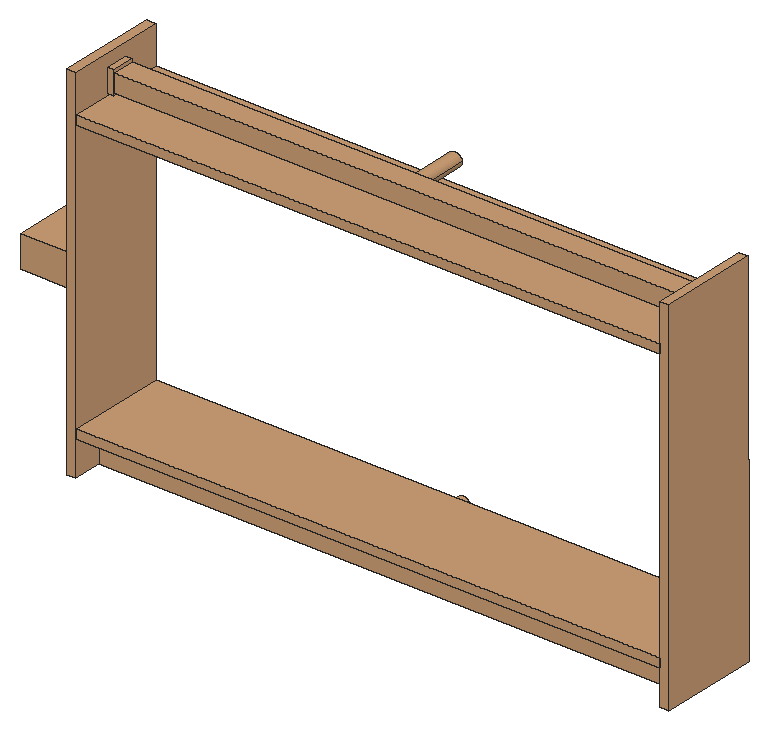
Revit family
Parameters
  Center Of Unit = 0' - 0"  # constant formula
  Water Pressure Drop [instance] = 0.00 psi
  Water Flow [instance] = 0 GPM
  Unit Weight (lbs) = 1222
  URL = "http://www.ljwing.com/"
  Water Outlet Radius = 0' - 1 1/2"
  Water Outlet Odd sizes = 0' - 0"
  Total Heating Capacity [instance] = 0.0 Btu/h
  Temperature Rise [instance] = 0 °F
  Series = "VIFB"
  Outlet Area = 53.60 SF
  Number of Rows = 1  # constant formula
  Number of Coils [instance] = 0
  Nominal Length = 11' - 0 5/8"
  Model = "VD-12"
  Manufacturer = "LJ Wing"
  Leaving Water Temperature [instance] = 0 °F
  Leaving Air Temperature [instance] = 0 °F
  Face Velocity (FPM) [instance] = 0
  Entering Water Temperature [instance] = 0 °F
  Entering Air Temperature [instance] = 0 °F
  Description = "Vertical Integral Face & Bypass Water Heating Coils"
  Hot Water Odd Sizes = 0' - 0"
  Hot Water Inlet Offset = 0' - 4 3/8"  # constant formula
  Hot Water Inlet  Radius = 0' - 1 1/2"
  Coil Face Area = Outlet Area * 0.56  # 30.016 SF
  Casing Material = ""
  Assembly Code = "D3020300"
  Air Pressure Drop [instance] = 0.00 in-wg
  Air Inlet Width = Nominal Length - 0' 4"  # 10' - 8 5/8"
  Air Inlet Height = Y  # 5' - 0"
  Air Flow [instance] = 0 CFM
  Z = 0' - 2 1/8"
  Y = 5' - 0"
  S = 0' - 9 3/4"
  Product URL = "http://www.ljwing.com/html/vifb.asp"
  OmniClass = "23-75 70 21 14"
  Nominal Height = 6' - 8"
  Nominal Depth = 1' - 10"
  R = 0' - 10 1/4"
  Q = 0' - 3 5/16"
  P = 0' - 5 1/8"
  L = 0' - 5 15/16"
Reference planes (in)
  plane 1 "Center (Front/Back)": y = 0
  plane 2: z = -30
  plane 3 "Center (Left/Right)": x = 0
  plane 4: z = 40.25
  plane 5: x = -66.3125
  plane 6: x = 66.3125
  plane 7: z = -39.75
  plane 8: z = 0
  plane 9: y = -11
  plane 10: y = 11
  plane 11: z = 30
  plane 12: z = 32
  plane 13: z = -32
  plane 14: x = 64.3125
  plane 15: x = -64.3125
  plane 16: z = 35.125
  plane 17: z = -33.8125
  plane 18: x = -63
  plane 19: x = 63
  plane 20: y = 13.125
  plane 21: y = 15.375
  plane 22: x = -77.3125
  plane 23: x = 0
  plane 24: x = 0
  plane 25: z = 37.125
  plane 26: z = 33.125
  plane 27: y = -2.5
  plane 28: y = 2.5
  plane 29: y = -4.5
Forms (in)
  Extrusion 1, solid, material "Painted Finish"
    sketch origin (0, 6, -9.75) x (1, 0, 0) y (0, 0, 1)
      loop
        line (-66.3125, -30) -> (-64.3125, -30) -> (-64.3125, 50) -> (-66.3125, 50) -> (-66.3125, -30)
      loop
        line (66.3125, -30) -> (66.3125, 50) -> (64.3125, 50) -> (64.3125, -30) -> (66.3125, -30)
    from -5 to 17
  Extrusion 2, solid, material "Painted Finish"
    sketch origin (0, 6, 0) x (1, 0, 0) y (0, 0, 1)
      loop
        line (64.3125, -30) -> (-64.3125, -30) -> (-64.3125, -32) -> (64.3125, -32) -> (64.3125, -30)
      loop
        line (64.3125, 30) -> (64.3125, 32) -> (-64.3125, 32) -> (-64.3125, 30) -> (64.3125, 30)
    from -5 to 17
  Extrusion 3, solid, material "Painted Finish"
    sketch origin (0, 10, -0.5) x (1, 0, 0) y (0, 0, 1)
      loop
        line (-66.3125, 4) -> (-77.3125, 4) -> (-77.3125, -3) -> (-66.3125, -3) -> (-66.3125, 4)
    from 0 to 20
  Extrusion 4, solid, material "Painted Finish"
    sketch origin (0, 6, 0) x (1, 0, 0) y (0, 0, 1)
      loop
        line (-62.6875, 37.125) -> (-62.6875, 33.125) -> (62.6875, 33.125) -> (62.6875, 37.125) -> (-62.6875, 37.125)
    from 3.5 to 8.5
  Extrusion 5, solid, material "Painted Finish"
    sketch origin (0, 0, 0) x (1, 0, 0) y (0, 0, 1)
      loop
        line (-62.6875, 32.625) -> (-62.6875, 37.625) -> (-64.3125, 37.625) -> (-64.3125, 32.625) -> (-62.6875, 32.625)
      loop
        line (64.3125, 32.625) -> (64.3125, 37.625) -> (62.6875, 37.625) -> (62.6875, 32.625) -> (64.3125, 32.625)
    from -2.5 to 2.5
  Extrusion 6, solid, material "Painted Finish"
    sketch origin (0, 23, 0) x (1, 0, 0) y (0, 0, 1)
      loop
        circle (0, 35.125) r 1.5
    from 9.875 to 20.5
  Extrusion 7, solid, material "Painted Finish"
    sketch origin (0, 6, 0) x (1, 0, 0) y (0, 0, 1)
      loop
        line (-64.3125, -32) -> (-64.3125, -39.75) -> (64.3125, -39.75) -> (64.3125, -32) -> (-64.3125, -32)
    from -5 to 10.5
  Extrusion 8, solid, material "Painted Finish"
    sketch origin (0, 23, 0) x (1, 0, 0) y (0, 0, 1)
      loop
        circle (0, -33.8125) r 1.5
    from 7.625 to 12
  Extrusion 9, void
    sketch origin (0, 0, 0) x (1, 0, 0) y (0, 0, 1)
      loop
        line (-64.3125, 30) -> (-64.3125, -30) -> (64.3125, -30) -> (64.3125, 30) -> (-64.3125, 30)
    from -11 to 11
Cuts and joins
  Extrusion 9 cuts Extrusion 1
  Extrusion 9 cuts Extrusion 2
Dimensions and locks (in)
  "Nominal Length": plane 6 to plane 5
  equal spacing: plane 6, plane 3 "Center (Left/Right)", plane 5
  "S": plane 2 to plane 7
  "Nominal Depth": plane 10 to plane 9
  equal spacing: plane 10, plane 1 "Center (Front/Back)", plane 9
  "Y": plane 11 to plane 2
  "R": plane 4 to plane 11
  locked: plane 12 to plane 11 at 2
  locked: plane 2 to plane 13 at 2
  "P": plane 4 to plane 16
  "L": plane 17 to plane 7
  "Q": plane 18 to plane 5
  "Q": plane 6 to plane 19
  "Z": plane 20 to plane 10
  "Hot Water Inlet Offset": plane 21 to plane 10
  locked: plane 5 to plane 22 at 11
  locked: Extrusion 3 sketch curve to Extrusion 3 sketch curve at 7
  locked: Extrusion 3 to Extrusion 3 at 20
  locked: plane 6 to plane 14 at 2
  locked: plane 15 to plane 5 at 2
  "Water Outlet Odd sizes": plane 23 to plane 3 "Center (Left/Right)"
  "Hot Water Odd Sizes": plane 3 "Center (Left/Right)" to plane 24
  equal spacing: plane 25, plane 16, plane 26
  locked: Extrusion 5 sketch curve to plane 25 at 0.5
  locked: plane 26 to Extrusion 5 sketch curve at 0.5
  locked: Extrusion 6 sketch curve to plane 16 at 0
  locked: Extrusion 6 sketch curve to plane 23 at 0
  locked: Extrusion 8 sketch curve to plane 17 at 0
  locked: Extrusion 8 sketch curve to plane 24 at 0
  locked: plane 25 to plane 26 at 4
  locked: plane 28 to plane 27 at 5
  equal spacing: plane 28, plane 1 "Center (Front/Back)", plane 27
  locked: plane 27 to plane 29 at 2
  plane 4 to plane 7 = 6' - 8"
  locked: Extrusion 5 sketch curve to Extrusion 1 at 1.625
  locked: Extrusion 5 sketch curve to Extrusion 5 sketch curve at 1.625
  locked: Extrusion 9 sketch curve to plane 11 at 0
  locked: Extrusion 9 sketch curve to plane 15 at 0
  locked: Extrusion 9 sketch curve to plane 14 at 0
  locked: Extrusion 9 sketch curve to plane 2 at 0
  equal spacing: plane 11, plane 8, plane 2
  "Water Outlet Radius": radius of Extrusion 6 sketch curve
  "Hot Water Inlet  Radius": radius of Extrusion 8 sketch curve
  aligned and locked: Extrusion 1 to plane 9
  aligned and locked: Extrusion 1 to plane 10
  aligned and locked: Extrusion 1 to plane 15
  aligned and locked: Extrusion 1 to plane 14
  aligned and locked: Extrusion 2 to plane 9
  aligned and locked: plane 9 to Extrusion 1
  aligned and locked: plane 10 to Extrusion 1  (x2)
  aligned and locked: Extrusion 2 to plane 10
  aligned and locked: plane 10 to Extrusion 2  (x2)
  aligned and locked: plane 9 to Extrusion 2  (x2)
  aligned and locked: plane 5 to Extrusion 3
  aligned and locked: Extrusion 5 sketch curve to plane 15
  aligned and locked: Extrusion 5 sketch curve to Extrusion 4
  aligned and locked: Extrusion 6 to plane 20
  aligned and locked: Extrusion 1 to Extrusion 7
  aligned and locked: Extrusion 8 to plane 10
  aligned and locked: plane 21 to Extrusion 8
  aligned and locked: plane 27 to Extrusion 5
  aligned and locked: Extrusion 5 to Extrusion 4  (x2)
  aligned and locked: Extrusion 5 to plane 28
  aligned and locked: Extrusion 6 to Extrusion 4
  aligned and locked: Extrusion 7 to plane 29  (x2)
  aligned and locked: Extrusion 8 to Extrusion 7
  aligned and locked: Extrusion 4 to Extrusion 5  (x2)
  aligned and locked: Extrusion 5 to Extrusion 1  (x2)
  aligned and locked: plane 2 to Extrusion 2
  aligned and locked: Extrusion 1 sketch curve to plane 6
  aligned and locked: Extrusion 1 sketch curve to plane 14
  aligned and locked: Extrusion 1 sketch curve to plane 15
  aligned and locked: Extrusion 1 sketch curve to plane 5
  aligned and locked: plane 7 to Extrusion 1 sketch curve
  aligned and locked: Extrusion 1 sketch curve to plane 7
  aligned and locked: Extrusion 1 sketch curve to plane 4
  aligned and locked: plane 4 to Extrusion 1 sketch curve
  aligned and locked: Extrusion 2 sketch curve to plane 11
  aligned and locked: Extrusion 2 sketch curve to plane 12
  aligned and locked: Extrusion 2 sketch curve to plane 14  (x2)
  aligned and locked: Extrusion 2 sketch curve to plane 15  (x2)
  aligned and locked: Extrusion 2 sketch curve to plane 13
  aligned and locked: plane 2 to Extrusion 2 sketch curve
  aligned and locked: Extrusion 7 sketch curve to plane 13
  aligned and locked: Extrusion 7 sketch curve to plane 7
  aligned and locked: Extrusion 7 sketch curve to plane 14
  aligned and locked: Extrusion 7 sketch curve to plane 15
  aligned and locked: cut or joined group of Extrusion 1, Extrusion 9 to plane 10
  aligned and locked: Extrusion 8 to plane 21
Automatic sketch dimensions
  Extrusion 3 sketch curve to plane 22 = 0' - 0"
  Extrusion 3 sketch curve to plane 5 = 0' - 0"
  plane 8 to Extrusion 3 sketch curve = 0' - 3 1/2"
  Extrusion 4 sketch curve to plane 25 = 0' - 0"
  Extrusion 4 sketch curve to plane 26 = 0' - 0"
  plane 18 to Extrusion 4 sketch curve = 0' - 0 5/16"
  Extrusion 4 sketch curve to plane 19 = 0' - 0 5/16"
  plane 26 to Extrusion 5 sketch curve = 0' - 0 1/2"
  Extrusion 5 sketch curve to plane 25 = 0' - 0 1/2"
Connectors (in)
  hvac at (0, -11, 0), driven by "Air Inlet Height", driven by "Air Inlet Width", driven by "Air Flow", driven by "Air Pressure Drop"
    settings: on Extrusion 9, index 1
  hvac at (0, 11, 0), driven by "Air Pressure Drop", driven by "Air Inlet Height", driven by "Air Inlet Width", driven by "Air Flow"
    settings: on Extrusion 9, index 2
  piping at (0, 13.125, 35.125), driven by "Water Flow", driven by "Water Outlet Radius", driven by "Water Pressure Drop"
    settings: on Extrusion 6, index 3
  piping at (0, 15.375, -33.8125), driven by "Water Flow", driven by "Water Pressure Drop", driven by "Hot Water Inlet  Radius"
    settings: on Extrusion 8, index 4
